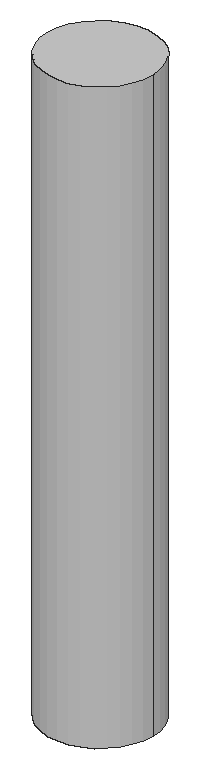
Revit family
Parameters (values of type "450")
  b = 450 mm
  기둥 재료 [instance] = 콘크리트 - 현장타설 콘크리트
Types (5, lengths in mm): name | b
  (no name) | 450
  300 | 300
  450 | 450
  600 | 600
  750 | 750
Reference planes
  plane 1 "중심(앞/뒤)": y = 0
  plane 2: z = 0
  plane 3 "중심(왼쪽/오른쪽)": x = 0
  plane 4: x = -225
  plane 5: x = 225
  plane 6: y = 225
  plane 7: y = -225
Forms (mm)
  Extrusion 1, solid, material "콘크리트 - 현장타설 콘크리트" <- "기둥 재료"
    sketch origin (0, 0, 0) x (1, 0, 0) y (0, 1, 0)
      loop
        circle (0, 0) r 225
    from 0 to 2500
Dimensions and locks
  equal spacing: plane 4, plane 3 "중심(왼쪽/오른쪽)", plane 5
  equal spacing: plane 7, plane 1 "중심(앞/뒤)", plane 6
  "b": plane 7 to plane 6
  "b": plane 4 to plane 5
  aligned and locked: level to Extrusion 1
  aligned and locked: level to plane 2
  aligned and locked: Extrusion 1 to plane 2
Automatic sketch dimensions
  Extrusion 1 sketch curve to plane 1 "중심(앞/뒤)" = 0 mm
  Extrusion 1 sketch curve to plane 4 = 0 mm
  Extrusion 1 sketch curve to plane 3 "중심(왼쪽/오른쪽)" = 0 mm
